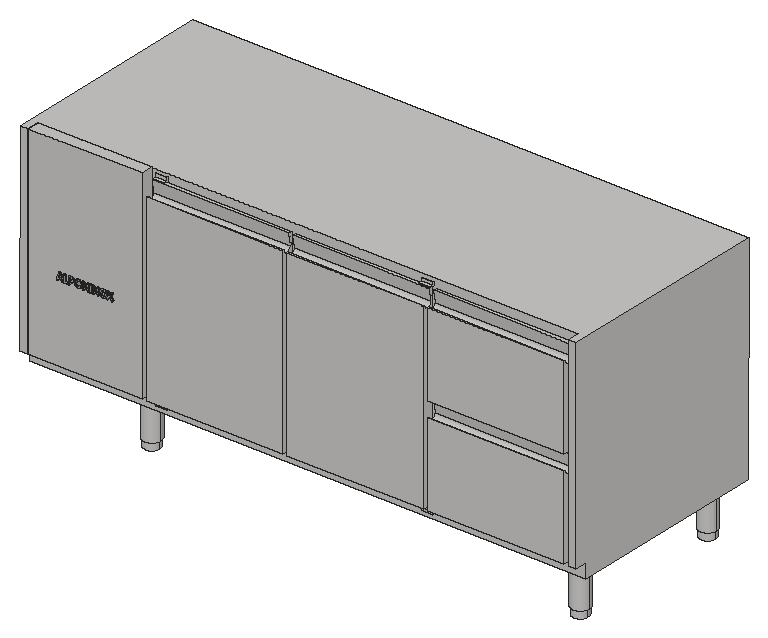
Revit family "QF_ALPENINOX_712031_AH3H7AAB", category Specialty Equipment, Revit 2018 (continued)
Definition of nested family "ALP_Cooling Unit"
  Lines and regions (mm)
    Split face 127
      outline origin (55.016, 2, -245.129) x (0, 0, 1) y (-1, 0, 0)
        loop
          arc (502.647, 116.535) -> (506.648, 112.533) -> (510.649, 116.535) r 4.001
          line (510.649, 116.535) -> (510.649, 158.547)
    Split face 128
      outline origin (55.016, 2, -257.133) x (0, 0, 1) y (-1, 0, 0)
        loop
          arc (510.649, 158.547) -> (506.648, 162.548) -> (502.647, 158.547) r 4.001
          line (502.647, 158.547) -> (502.647, 116.535)
          arc (502.647, 116.535) -> (506.648, 112.533) -> (510.649, 116.535) r 4.001
          line (510.649, 116.535) -> (510.649, 158.547)
    Split face 129
      outline origin (55.016, 2, -269.136) x (0, 0, 1) y (-1, 0, 0)
        loop
          arc (510.649, 158.547) -> (506.648, 162.548) -> (502.647, 158.547) r 4.001
          line (502.647, 158.547) -> (502.647, 116.535)
          arc (502.647, 116.535) -> (506.648, 112.533) -> (510.649, 116.535) r 4.001
          line (510.649, 116.535) -> (510.649, 158.547)
    Split face 130
      outline origin (55.016, 2, -281.14) x (0, 0, 1) y (-1, 0, 0)
        loop
          arc (510.649, 158.547) -> (506.648, 162.548) -> (502.647, 158.547) r 4.001
          line (502.647, 158.547) -> (502.647, 116.535)
          arc (502.647, 116.535) -> (506.648, 112.533) -> (510.649, 116.535) r 4.001
          line (510.649, 116.535) -> (510.649, 158.547)
    Split face 131
      outline origin (55.016, 2, -293.144) x (0, 0, 1) y (-1, 0, 0)
        loop
          arc (510.649, 158.547) -> (506.648, 162.548) -> (502.647, 158.547) r 4.001
          line (502.647, 158.547) -> (502.647, 116.535)
          arc (502.647, 116.535) -> (506.648, 112.533) -> (510.649, 116.535) r 4.001
          line (510.649, 116.535) -> (510.649, 158.547)
    Split face 132
      outline origin (110.032, 2, -113.091) x (0, 0, 1) y (-1, 0, 0)
        loop
          arc (510.649, 158.547) -> (506.648, 162.548) -> (502.647, 158.547) r 4.001
          line (502.647, 158.547) -> (502.647, 116.535)
          arc (502.647, 116.535) -> (506.648, 112.533) -> (510.649, 116.535) r 4.001
          line (510.649, 116.535) -> (510.649, 158.547)
    Split face 133
      outline origin (110.032, 2, -125.094) x (0, 0, 1) y (-1, 0, 0)
        loop
          arc (510.649, 158.547) -> (506.648, 162.548) -> (502.647, 158.547) r 4.001
          line (502.647, 158.547) -> (502.647, 116.535)
          arc (502.647, 116.535) -> (506.648, 112.533) -> (510.649, 116.535) r 4.001
          line (510.649, 116.535) -> (510.649, 158.547)
    Split face 134
      outline origin (110.032, 2, -137.098) x (0, 0, 1) y (-1, 0, 0)
        loop
          arc (510.649, 158.547) -> (506.648, 162.548) -> (502.647, 158.547) r 4.001
          line (502.647, 158.547) -> (502.647, 116.535)
          arc (502.647, 116.535) -> (506.648, 112.533) -> (510.649, 116.535) r 4.001
          line (510.649, 116.535) -> (510.649, 158.547)
    Split face 135
      outline origin (110.032, 2, -149.101) x (0, 0, 1) y (-1, 0, 0)
        loop
          arc (510.649, 158.547) -> (506.648, 162.548) -> (502.647, 158.547) r 4.001
          line (502.647, 158.547) -> (502.647, 116.535)
          arc (502.647, 116.535) -> (506.648, 112.533) -> (510.649, 116.535) r 4.001
          line (510.649, 116.535) -> (510.649, 158.547)
    Split face 136
      outline origin (110.032, 2, -161.105) x (0, 0, 1) y (-1, 0, 0)
        loop
          arc (510.649, 158.547) -> (506.648, 162.548) -> (502.647, 158.547) r 4.001
          line (502.647, 158.547) -> (502.647, 116.535)
          arc (502.647, 116.535) -> (506.648, 112.533) -> (510.649, 116.535) r 4.001
          line (510.649, 116.535) -> (510.649, 158.547)
    Split face 137
      outline origin (110.032, 2, -173.108) x (0, 0, 1) y (-1, 0, 0)
        loop
          arc (510.649, 158.547) -> (506.648, 162.548) -> (502.647, 158.547) r 4.001
          line (502.647, 158.547) -> (502.647, 116.535)
          arc (502.647, 116.535) -> (506.648, 112.533) -> (510.649, 116.535) r 4.001
          line (510.649, 116.535) -> (510.649, 158.547)
    Split face 138
      outline origin (110.032, 2, -185.112) x (0, 0, 1) y (-1, 0, 0)
        loop
          arc (510.649, 158.547) -> (506.648, 162.548) -> (502.647, 158.547) r 4.001
          line (502.647, 158.547) -> (502.647, 116.535)
          arc (502.647, 116.535) -> (506.648, 112.533) -> (510.649, 116.535) r 4.001
          line (510.649, 116.535) -> (510.649, 158.547)
    Split face 139
      outline origin (110.032, 2, -197.115) x (0, 0, 1) y (-1, 0, 0)
        loop
          arc (510.649, 158.547) -> (506.648, 162.548) -> (502.647, 158.547) r 4.001
          line (502.647, 158.547) -> (502.647, 116.535)
          arc (502.647, 116.535) -> (506.648, 112.533) -> (510.649, 116.535) r 4.001
          line (510.649, 116.535) -> (510.649, 158.547)
    Split face 140
      outline origin (110.032, 2, -209.119) x (0, 0, 1) y (-1, 0, 0)
        loop
          arc (510.649, 158.547) -> (506.648, 162.548) -> (502.647, 158.547) r 4.001
          line (502.647, 158.547) -> (502.647, 116.535)
          arc (502.647, 116.535) -> (506.648, 112.533) -> (510.649, 116.535) r 4.001
          line (510.649, 116.535) -> (510.649, 158.547)
    Split face 141
      outline origin (110.032, 2, -221.122) x (0, 0, 1) y (-1, 0, 0)
        loop
          arc (510.649, 158.547) -> (506.648, 162.548) -> (502.647, 158.547) r 4.001
          line (502.647, 158.547) -> (502.647, 116.535)
          arc (502.647, 116.535) -> (506.648, 112.533) -> (510.649, 116.535) r 4.001
          line (510.649, 116.535) -> (510.649, 158.547)
    Split face 142
      outline origin (110.032, 2, -233.126) x (0, 0, 1) y (-1, 0, 0)
        loop
          arc (510.649, 158.547) -> (506.648, 162.548) -> (502.647, 158.547) r 4.001
          line (502.647, 158.547) -> (502.647, 116.535)
          arc (502.647, 116.535) -> (506.648, 112.533) -> (510.649, 116.535) r 4.001
          line (510.649, 116.535) -> (510.649, 158.547)
    Split face 143
      outline origin (110.032, 2, -245.129) x (0, 0, 1) y (-1, 0, 0)
        loop
          arc (510.649, 158.547) -> (506.648, 162.548) -> (502.647, 158.547) r 4.001
          line (502.647, 158.547) -> (502.647, 116.535)
          arc (502.647, 116.535) -> (506.648, 112.533) -> (510.649, 116.535) r 4.001
          line (510.649, 116.535) -> (510.649, 158.547)
    Split face 144
      outline origin (110.032, 2, -257.133) x (0, 0, 1) y (-1, 0, 0)
        loop
          arc (510.649, 158.547) -> (506.648, 162.548) -> (502.647, 158.547) r 4.001
          line (502.647, 158.547) -> (502.647, 116.535)
          arc (502.647, 116.535) -> (506.648, 112.533) -> (510.649, 116.535) r 4.001
          line (510.649, 116.535) -> (510.649, 158.547)
    Split face 145
      outline origin (110.032, 2, -269.136) x (0, 0, 1) y (-1, 0, 0)
        loop
          arc (510.649, 158.547) -> (506.648, 162.548) -> (502.647, 158.547) r 4.001
          line (502.647, 158.547) -> (502.647, 116.535)
          arc (502.647, 116.535) -> (506.648, 112.533) -> (510.649, 116.535) r 4.001
          line (510.649, 116.535) -> (510.649, 158.547)
    Split face 146
      outline origin (110.032, 2, -281.14) x (0, 0, 1) y (-1, 0, 0)
        loop
          arc (510.649, 158.547) -> (506.648, 162.548) -> (502.647, 158.547) r 4.001
          line (502.647, 158.547) -> (502.647, 116.535)
          arc (502.647, 116.535) -> (506.648, 112.533) -> (510.649, 116.535) r 4.001
          line (510.649, 116.535) -> (510.649, 158.547)
    Split face 147
      outline origin (110.032, 2, -293.144) x (0, 0, 1) y (-1, 0, 0)
        loop
          arc (510.649, 158.547) -> (506.648, 162.548) -> (502.647, 158.547) r 4.001
          line (502.647, 158.547) -> (502.647, 116.535)
          arc (502.647, 116.535) -> (506.648, 112.533) -> (510.649, 116.535) r 4.001
          line (510.649, 116.535) -> (510.649, 158.547)
    Split face 148
      outline origin (165.048, 2, -113.091) x (0, 0, 1) y (-1, 0, 0)
        loop
          arc (510.649, 158.547) -> (506.648, 162.548) -> (502.647, 158.547) r 4.001
          line (502.647, 158.547) -> (502.647, 116.535)
          arc (502.647, 116.535) -> (506.648, 112.533) -> (510.649, 116.535) r 4.001
          line (510.649, 116.535) -> (510.649, 158.547)
    Split face 149
      outline origin (165.048, 2, -125.094) x (0, 0, 1) y (-1, 0, 0)
        loop
          arc (510.649, 158.547) -> (506.648, 162.548) -> (502.647, 158.547) r 4.001
          line (502.647, 158.547) -> (502.647, 116.535)
          arc (502.647, 116.535) -> (506.648, 112.533) -> (510.649, 116.535) r 4.001
          line (510.649, 116.535) -> (510.649, 158.547)
    Split face 150
      outline origin (165.048, 2, -137.098) x (0, 0, 1) y (-1, 0, 0)
        loop
          arc (510.649, 158.547) -> (506.648, 162.548) -> (502.647, 158.547) r 4.001
          line (502.647, 158.547) -> (502.647, 116.535)
          arc (502.647, 116.535) -> (506.648, 112.533) -> (510.649, 116.535) r 4.001
          line (510.649, 116.535) -> (510.649, 158.547)
    Split face 151
      outline origin (165.048, 2, -149.101) x (0, 0, 1) y (-1, 0, 0)
        loop
          arc (510.649, 158.547) -> (506.648, 162.548) -> (502.647, 158.547) r 4.001
          line (502.647, 158.547) -> (502.647, 116.535)
          arc (502.647, 116.535) -> (506.648, 112.533) -> (510.649, 116.535) r 4.001
          line (510.649, 116.535) -> (510.649, 158.547)
    Split face 152
      outline origin (165.048, 2, -161.105) x (0, 0, 1) y (-1, 0, 0)
        loop
          arc (510.649, 158.547) -> (506.648, 162.548) -> (502.647, 158.547) r 4.001
          line (502.647, 158.547) -> (502.647, 116.535)
          arc (502.647, 116.535) -> (506.648, 112.533) -> (510.649, 116.535) r 4.001
          line (510.649, 116.535) -> (510.649, 158.547)
    Split face 153
      outline origin (165.048, 2, -173.108) x (0, 0, 1) y (-1, 0, 0)
        loop
          arc (510.649, 158.547) -> (506.648, 162.548) -> (502.647, 158.547) r 4.001
          line (502.647, 158.547) -> (502.647, 116.535)
          arc (502.647, 116.535) -> (506.648, 112.533) -> (510.649, 116.535) r 4.001
          line (510.649, 116.535) -> (510.649, 158.547)
    Split face 154
      outline origin (165.048, 2, -185.112) x (0, 0, 1) y (-1, 0, 0)
        loop
          arc (510.649, 158.547) -> (506.648, 162.548) -> (502.647, 158.547) r 4.001
          line (502.647, 158.547) -> (502.647, 116.535)
          arc (502.647, 116.535) -> (506.648, 112.533) -> (510.649, 116.535) r 4.001
          line (510.649, 116.535) -> (510.649, 158.547)
    Split face 155
      outline origin (165.048, 2, -197.115) x (0, 0, 1) y (-1, 0, 0)
        loop
          arc (510.649, 158.547) -> (506.648, 162.548) -> (502.647, 158.547) r 4.001
          line (502.647, 158.547) -> (502.647, 116.535)
          arc (502.647, 116.535) -> (506.648, 112.533) -> (510.649, 116.535) r 4.001
          line (510.649, 116.535) -> (510.649, 158.547)
    Split face 156
      outline origin (165.048, 2, -209.119) x (0, 0, 1) y (-1, 0, 0)
        loop
          arc (510.649, 158.547) -> (506.648, 162.548) -> (502.647, 158.547) r 4.001
          line (502.647, 158.547) -> (502.647, 116.535)
          arc (502.647, 116.535) -> (506.648, 112.533) -> (510.649, 116.535) r 4.001
          line (510.649, 116.535) -> (510.649, 158.547)
    Split face 157
      outline origin (165.048, 2, -221.122) x (0, 0, 1) y (-1, 0, 0)
        loop
          arc (510.649, 158.547) -> (506.648, 162.548) -> (502.647, 158.547) r 4.001
          line (502.647, 158.547) -> (502.647, 116.535)
          arc (502.647, 116.535) -> (506.648, 112.533) -> (510.649, 116.535) r 4.001
          line (510.649, 116.535) -> (510.649, 158.547)
    Split face 158
      outline origin (165.048, 2, -233.126) x (0, 0, 1) y (-1, 0, 0)
        loop
          arc (510.649, 158.547) -> (506.648, 162.548) -> (502.647, 158.547) r 4.001
          line (502.647, 158.547) -> (502.647, 116.535)
          arc (502.647, 116.535) -> (506.648, 112.533) -> (510.649, 116.535) r 4.001
          line (510.649, 116.535) -> (510.649, 158.547)
    Split face 159
      outline origin (165.048, 2, -245.129) x (0, 0, 1) y (-1, 0, 0)
        loop
          arc (510.649, 158.547) -> (506.648, 162.548) -> (502.647, 158.547) r 4.001
          line (502.647, 158.547) -> (502.647, 116.535)
          arc (502.647, 116.535) -> (506.648, 112.533) -> (510.649, 116.535) r 4.001
          line (510.649, 116.535) -> (510.649, 158.547)
    Split face 160
      outline origin (165.048, 2, -257.133) x (0, 0, 1) y (-1, 0, 0)
        loop
          arc (510.649, 158.547) -> (506.648, 162.548) -> (502.647, 158.547) r 4.001
          line (502.647, 158.547) -> (502.647, 116.535)
          arc (502.647, 116.535) -> (506.648, 112.533) -> (510.649, 116.535) r 4.001
          line (510.649, 116.535) -> (510.649, 158.547)
    Split face 161
      outline origin (165.048, 2, -269.136) x (0, 0, 1) y (-1, 0, 0)
        loop
          arc (510.649, 158.547) -> (506.648, 162.548) -> (502.647, 158.547) r 4.001
          line (502.647, 158.547) -> (502.647, 116.535)
          arc (502.647, 116.535) -> (506.648, 112.533) -> (510.649, 116.535) r 4.001
          line (510.649, 116.535) -> (510.649, 158.547)
    Split face 162
      outline origin (165.048, 2, -281.14) x (0, 0, 1) y (-1, 0, 0)
        loop
          arc (510.649, 158.547) -> (506.648, 162.548) -> (502.647, 158.547) r 4.001
          line (502.647, 158.547) -> (502.647, 116.535)
          arc (502.647, 116.535) -> (506.648, 112.533) -> (510.649, 116.535) r 4.001
          line (510.649, 116.535) -> (510.649, 158.547)
    Split face 163
      outline origin (165.048, 2, -293.144) x (0, 0, 1) y (-1, 0, 0)
        loop
          arc (510.649, 158.547) -> (506.648, 162.548) -> (502.647, 158.547) r 4.001
          line (502.647, 158.547) -> (502.647, 116.535)
          arc (502.647, 116.535) -> (506.648, 112.533) -> (510.649, 116.535) r 4.001
          line (510.649, 116.535) -> (510.649, 158.547)
    Split face 164
      outline origin (220.064, 2, -113.091) x (0, 0, 1) y (-1, 0, 0)
        loop
          arc (510.649, 158.547) -> (506.648, 162.548) -> (502.647, 158.547) r 4.001
          line (502.647, 158.547) -> (502.647, 116.535)
          arc (502.647, 116.535) -> (506.648, 112.533) -> (510.649, 116.535) r 4.001
          line (510.649, 116.535) -> (510.649, 158.547)
    Split face 165
      outline origin (220.064, 2, -125.094) x (0, 0, 1) y (-1, 0, 0)
        loop
          arc (510.649, 158.547) -> (506.648, 162.548) -> (502.647, 158.547) r 4.001
          line (502.647, 158.547) -> (502.647, 116.535)
          arc (502.647, 116.535) -> (506.648, 112.533) -> (510.649, 116.535) r 4.001
          line (510.649, 116.535) -> (510.649, 158.547)
    Split face 166
      outline origin (220.064, 2, -137.098) x (0, 0, 1) y (-1, 0, 0)
        loop
          arc (510.649, 158.547) -> (506.648, 162.548) -> (502.647, 158.547) r 4.001
          line (502.647, 158.547) -> (502.647, 116.535)
          arc (502.647, 116.535) -> (506.648, 112.533) -> (510.649, 116.535) r 4.001
          line (510.649, 116.535) -> (510.649, 158.547)
    Split face 167
      outline origin (220.064, 2, -149.101) x (0, 0, 1) y (-1, 0, 0)
        loop
          arc (510.649, 158.547) -> (506.648, 162.548) -> (502.647, 158.547) r 4.001
          line (502.647, 158.547) -> (502.647, 116.535)
          arc (502.647, 116.535) -> (506.648, 112.533) -> (510.649, 116.535) r 4.001
          line (510.649, 116.535) -> (510.649, 158.547)
    Split face 168
      outline origin (220.064, 2, -161.105) x (0, 0, 1) y (-1, 0, 0)
        loop
          arc (510.649, 158.547) -> (506.648, 162.548) -> (502.647, 158.547) r 4.001
          line (502.647, 158.547) -> (502.647, 116.535)
          arc (502.647, 116.535) -> (506.648, 112.533) -> (510.649, 116.535) r 4.001
          line (510.649, 116.535) -> (510.649, 158.547)
    Split face 169
      outline origin (220.064, 2, -173.108) x (0, 0, 1) y (-1, 0, 0)
        loop
          arc (510.649, 158.547) -> (506.648, 162.548) -> (502.647, 158.547) r 4.001
          line (502.647, 158.547) -> (502.647, 116.535)
          arc (502.647, 116.535) -> (506.648, 112.533) -> (510.649, 116.535) r 4.001
          line (510.649, 116.535) -> (510.649, 158.547)
    Split face 170
      outline origin (220.064, 2, -185.112) x (0, 0, 1) y (-1, 0, 0)
        loop
          arc (510.649, 158.547) -> (506.648, 162.548) -> (502.647, 158.547) r 4.001
          line (502.647, 158.547) -> (502.647, 116.535)
          arc (502.647, 116.535) -> (506.648, 112.533) -> (510.649, 116.535) r 4.001
          line (510.649, 116.535) -> (510.649, 158.547)
    Split face 171
      outline origin (220.064, 2, -197.115) x (0, 0, 1) y (-1, 0, 0)
        loop
          arc (510.649, 158.547) -> (506.648, 162.548) -> (502.647, 158.547) r 4.001
          line (502.647, 158.547) -> (502.647, 116.535)
          arc (502.647, 116.535) -> (506.648, 112.533) -> (510.649, 116.535) r 4.001
          line (510.649, 116.535) -> (510.649, 158.547)
    Split face 172
      outline origin (220.064, 2, -209.119) x (0, 0, 1) y (-1, 0, 0)
        loop
          arc (510.649, 158.547) -> (506.648, 162.548) -> (502.647, 158.547) r 4.001
          line (502.647, 158.547) -> (502.647, 116.535)
          arc (502.647, 116.535) -> (506.648, 112.533) -> (510.649, 116.535) r 4.001
          line (510.649, 116.535) -> (510.649, 158.547)
    Split face 173
      outline origin (220.064, 2, -221.122) x (0, 0, 1) y (-1, 0, 0)
        loop
          arc (510.649, 158.547) -> (506.648, 162.548) -> (502.647, 158.547) r 4.001
          line (502.647, 158.547) -> (502.647, 116.535)
          arc (502.647, 116.535) -> (506.648, 112.533) -> (510.649, 116.535) r 4.001
          line (510.649, 116.535) -> (510.649, 158.547)
    Split face 174
      outline origin (220.064, 2, -233.126) x (0, 0, 1) y (-1, 0, 0)
        loop
          arc (510.649, 158.547) -> (506.648, 162.548) -> (502.647, 158.547) r 4.001
          line (502.647, 158.547) -> (502.647, 116.535)
          arc (502.647, 116.535) -> (506.648, 112.533) -> (510.649, 116.535) r 4.001
          line (510.649, 116.535) -> (510.649, 158.547)
    Split face 175
      outline origin (220.064, 2, -245.129) x (0, 0, 1) y (-1, 0, 0)
        loop
          arc (510.649, 158.547) -> (506.648, 162.548) -> (502.647, 158.547) r 4.001
          line (502.647, 158.547) -> (502.647, 116.535)
          arc (502.647, 116.535) -> (506.648, 112.533) -> (510.649, 116.535) r 4.001
          line (510.649, 116.535) -> (510.649, 158.547)
    Split face 176
      outline origin (220.064, 2, -257.133) x (0, 0, 1) y (-1, 0, 0)
        loop
          arc (510.649, 158.547) -> (506.648, 162.548) -> (502.647, 158.547) r 4.001
          line (502.647, 158.547) -> (502.647, 116.535)
          arc (502.647, 116.535) -> (506.648, 112.533) -> (510.649, 116.535) r 4.001
          line (510.649, 116.535) -> (510.649, 158.547)
    Split face 177
      outline origin (220.064, 2, -269.136) x (0, 0, 1) y (-1, 0, 0)
        loop
          arc (510.649, 158.547) -> (506.648, 162.548) -> (502.647, 158.547) r 4.001
          line (502.647, 158.547) -> (502.647, 116.535)
          arc (502.647, 116.535) -> (506.648, 112.533) -> (510.649, 116.535) r 4.001
          line (510.649, 116.535) -> (510.649, 158.547)
    Split face 178
      outline origin (220.064, 2, -281.14) x (0, 0, 1) y (-1, 0, 0)
        loop
          arc (510.649, 158.547) -> (506.648, 162.548) -> (502.647, 158.547) r 4.001
          line (502.647, 158.547) -> (502.647, 116.535)
          arc (502.647, 116.535) -> (506.648, 112.533) -> (510.649, 116.535) r 4.001
          line (510.649, 116.535) -> (510.649, 158.547)
    Split face 179
      outline origin (220.064, 2, -293.144) x (0, 0, 1) y (-1, 0, 0)
        loop
          arc (510.649, 158.547) -> (506.648, 162.548) -> (502.647, 158.547) r 4.001
          line (502.647, 158.547) -> (502.647, 116.535)
          arc (502.647, 116.535) -> (506.648, 112.533) -> (510.649, 116.535) r 4.001
          line (510.649, 116.535) -> (510.649, 158.547)
    Split face 180
      outline origin (275.081, 2, -113.091) x (0, 0, 1) y (-1, 0, 0)
        loop
          arc (510.649, 158.547) -> (506.648, 162.548) -> (502.647, 158.547) r 4.001
          line (502.647, 158.547) -> (502.647, 116.535)
          arc (502.647, 116.535) -> (506.648, 112.533) -> (510.649, 116.535) r 4.001
          line (510.649, 116.535) -> (510.649, 158.547)
    Split face 181
      outline origin (275.081, 2, -125.094) x (0, 0, 1) y (-1, 0, 0)
        loop
          arc (510.649, 158.547) -> (506.648, 162.548) -> (502.647, 158.547) r 4.001
          line (502.647, 158.547) -> (502.647, 116.535)
          arc (502.647, 116.535) -> (506.648, 112.533) -> (510.649, 116.535) r 4.001
          line (510.649, 116.535) -> (510.649, 158.547)
    Split face 182
      outline origin (275.081, 2, -137.098) x (0, 0, 1) y (-1, 0, 0)
        loop
          arc (510.649, 158.547) -> (506.648, 162.548) -> (502.647, 158.547) r 4.001
          line (502.647, 158.547) -> (502.647, 116.535)
          arc (502.647, 116.535) -> (506.648, 112.533) -> (510.649, 116.535) r 4.001
          line (510.649, 116.535) -> (510.649, 158.547)
    Split face 183
      outline origin (275.081, 2, -149.101) x (0, 0, 1) y (-1, 0, 0)
        loop
          arc (510.649, 158.547) -> (506.648, 162.548) -> (502.647, 158.547) r 4.001
          line (502.647, 158.547) -> (502.647, 116.535)
          arc (502.647, 116.535) -> (506.648, 112.533) -> (510.649, 116.535) r 4.001
          line (510.649, 116.535) -> (510.649, 158.547)
    Split face 184
      outline origin (275.081, 2, -161.105) x (0, 0, 1) y (-1, 0, 0)
        loop
          arc (510.649, 158.547) -> (506.648, 162.548) -> (502.647, 158.547) r 4.001
          line (502.647, 158.547) -> (502.647, 116.535)
          arc (502.647, 116.535) -> (506.648, 112.533) -> (510.649, 116.535) r 4.001
          line (510.649, 116.535) -> (510.649, 158.547)
    Split face 185
      outline origin (275.081, 2, -173.108) x (0, 0, 1) y (-1, 0, 0)
        loop
          arc (510.649, 158.547) -> (506.648, 162.548) -> (502.647, 158.547) r 4.001
          line (502.647, 158.547) -> (502.647, 116.535)
          arc (502.647, 116.535) -> (506.648, 112.533) -> (510.649, 116.535) r 4.001
          line (510.649, 116.535) -> (510.649, 158.547)
    Split face 186
      outline origin (275.081, 2, -185.112) x (0, 0, 1) y (-1, 0, 0)
        loop
          arc (510.649, 158.547) -> (506.648, 162.548) -> (502.647, 158.547) r 4.001
          line (502.647, 158.547) -> (502.647, 116.535)
          arc (502.647, 116.535) -> (506.648, 112.533) -> (510.649, 116.535) r 4.001
          line (510.649, 116.535) -> (510.649, 158.547)
    Split face 187
      outline origin (275.081, 2, -197.115) x (0, 0, 1) y (-1, 0, 0)
        loop
          arc (510.649, 158.547) -> (506.648, 162.548) -> (502.647, 158.547) r 4.001
          line (502.647, 158.547) -> (502.647, 116.535)
          arc (502.647, 116.535) -> (506.648, 112.533) -> (510.649, 116.535) r 4.001
          line (510.649, 116.535) -> (510.649, 158.547)
    Split face 188
      outline origin (275.081, 2, -209.119) x (0, 0, 1) y (-1, 0, 0)
        loop
          arc (510.649, 158.547) -> (506.648, 162.548) -> (502.647, 158.547) r 4.001
          line (502.647, 158.547) -> (502.647, 116.535)
          arc (502.647, 116.535) -> (506.648, 112.533) -> (510.649, 116.535) r 4.001
          line (510.649, 116.535) -> (510.649, 158.547)
    Split face 189
      outline origin (275.081, 2, -221.122) x (0, 0, 1) y (-1, 0, 0)
        loop
          arc (510.649, 158.547) -> (506.648, 162.548) -> (502.647, 158.547) r 4.001
          line (502.647, 158.547) -> (502.647, 116.535)
          arc (502.647, 116.535) -> (506.648, 112.533) -> (510.649, 116.535) r 4.001
          line (510.649, 116.535) -> (510.649, 158.547)
    Split face 190
      outline origin (275.081, 2, -233.126) x (0, 0, 1) y (-1, 0, 0)
        loop
          arc (510.649, 158.547) -> (506.648, 162.548) -> (502.647, 158.547) r 4.001
          line (502.647, 158.547) -> (502.647, 116.535)
          arc (502.647, 116.535) -> (506.648, 112.533) -> (510.649, 116.535) r 4.001
          line (510.649, 116.535) -> (510.649, 158.547)
    Split face 191
      outline origin (275.081, 2, -245.129) x (0, 0, 1) y (-1, 0, 0)
        loop
          arc (510.649, 158.547) -> (506.648, 162.548) -> (502.647, 158.547) r 4.001
          line (502.647, 158.547) -> (502.647, 116.535)
          arc (502.647, 116.535) -> (506.648, 112.533) -> (510.649, 116.535) r 4.001
          line (510.649, 116.535) -> (510.649, 158.547)
    Split face 192
      outline origin (275.081, 2, -257.133) x (0, 0, 1) y (-1, 0, 0)
        loop
          arc (510.649, 158.547) -> (506.648, 162.548) -> (502.647, 158.547) r 4.001
          line (502.647, 158.547) -> (502.647, 116.535)
          arc (502.647, 116.535) -> (506.648, 112.533) -> (510.649, 116.535) r 4.001
          line (510.649, 116.535) -> (510.649, 158.547)
    Split face 193
      outline origin (275.081, 2, -269.136) x (0, 0, 1) y (-1, 0, 0)
        loop
          arc (510.649, 158.547) -> (506.648, 162.548) -> (502.647, 158.547) r 4.001
          line (502.647, 158.547) -> (502.647, 116.535)
          arc (502.647, 116.535) -> (506.648, 112.533) -> (510.649, 116.535) r 4.001
          line (510.649, 116.535) -> (510.649, 158.547)
    Split face 194
      outline origin (275.081, 2, -281.14) x (0, 0, 1) y (-1, 0, 0)
        loop
          arc (510.649, 158.547) -> (506.648, 162.548) -> (502.647, 158.547) r 4.001
          line (502.647, 158.547) -> (502.647, 116.535)
          arc (502.647, 116.535) -> (506.648, 112.533) -> (510.649, 116.535) r 4.001
          line (510.649, 116.535) -> (510.649, 158.547)
    Split face 195
      outline origin (275.081, 2, -293.144) x (0, 0, 1) y (-1, 0, 0)
        loop
          arc (510.649, 158.547) -> (506.648, 162.548) -> (502.647, 158.547) r 4.001
          line (502.647, 158.547) -> (502.647, 116.535)
          arc (502.647, 116.535) -> (506.648, 112.533) -> (510.649, 116.535) r 4.001
          line (510.649, 116.535) -> (510.649, 158.547)
  Dimensions and locks
    aligned and locked: level to plane 2
  Nested families
    nested 1: "ALP_Logo_S" at (0, 2, 458.586) x (1, 0, 0) z (0, -1, 0), visible <- "Show Logo", type "ALP_Logo_S"
  Definition of nested family "ALP_Logo_S"
    Parameters
      Default Elevation = 0 mm
    Reference planes
      plane 1 "Centro (Fronte/Retro)": y = 0
      plane 2: z = 0
      plane 3 "Centro (Sinistra/Destra)": x = 0
    Forms (mm)
      Extrusion 1, solid
        sketch origin (0, 0, 0) x (1, 0, 0) y (0, 1, 0)
          loop
            line (-1219.2, 1219.2) -> (-1219.2, -1219.2) -> (1219.2, -1219.2) -> (1219.2, 1219.2) -> (-1219.2, 1219.2)
        from 0 to -304.8
      Extrusion 2, solid
        sketch origin (17.793, -46.218, 0) x (-1, 0, 0) y (0, -1, 0)
          loop
            line (109.007, -37.469) -> (109.244, -36.361)
            spline (109.244, -36.361) -> (109.221, -36.03) -> (109.153, -35.716) -> (109.043, -35.42) -> (108.895, -35.146) -> (108.713, -34.896) -> (108.498, -34.671) -> (108.255, -34.475) -> (107.987, -34.309) -> (107.697, -34.176) -> (107.388, -34.078) -> (107.064, -34.017) -> (106.728, -33.997)
            spline (106.728, -33.997) -> (106.393, -34.012) -> (106.085, -34.057) -> (105.803, -34.129) -> (105.547, -34.228) -> (105.315, -34.352) -> (105.105, -34.499) -> (104.918, -34.668) -> (104.752, -34.858) -> (104.605, -35.066) -> (104.478, -35.291) -> (104.368, -35.532) -> (104.275, -35.787)
            line (104.275, -35.787) -> (103.256, -38.92) -> (93.799, -38.92) -> (92.773, -35.75)
            spline (92.773, -35.75) -> (92.68, -35.504) -> (92.57, -35.27) -> (92.443, -35.05) -> (92.296, -34.847) -> (92.129, -34.661) -> (91.941, -34.495) -> (91.729, -34.35) -> (91.494, -34.227) -> (91.234, -34.129) -> (90.948, -34.056) -> (90.634, -34.012) -> (90.292, -33.997)
            spline (90.292, -33.997) -> (89.98, -34.015) -> (89.679, -34.07) -> (89.392, -34.16) -> (89.122, -34.282) -> (88.871, -34.436) -> (88.644, -34.618) -> (88.442, -34.828) -> (88.271, -35.063) -> (88.132, -35.322) -> (88.028, -35.604) -> (87.964, -35.905) -> (87.942, -36.225)
            line (87.942, -36.225) -> (88.215, -37.469) -> (94.885, -55.826)
            spline (94.885, -55.826) -> (95.044, -56.22) -> (95.23, -56.593) -> (95.444, -56.943) -> (95.685, -57.268) -> (95.953, -57.564) -> (96.246, -57.829) -> (96.565, -58.06) -> (96.909, -58.255) -> (97.278, -58.412) -> (97.672, -58.527) -> (98.088, -58.597) -> (98.529, -58.622)
            spline (98.529, -58.622) -> (98.953, -58.596) -> (99.359, -58.522) -> (99.746, -58.402) -> (100.112, -58.241) -> (100.457, -58.04) -> (100.78, -57.804) -> (101.078, -57.536) -> (101.351, -57.238) -> (101.599, -56.916) -> (101.818, -56.57) -> (102.009, -56.206) -> (102.171, -55.826)
            line (102.171, -55.826) -> (109.007, -37.469)
          loop
            line (101.794, -43.576) -> (95.326, -43.576) -> (98.522, -53.458) -> (101.794, -43.576)
          loop
            spline (85.755, -36.964) -> (85.735, -36.556) -> (85.675, -36.175) -> (85.576, -35.822) -> (85.439, -35.499) -> (85.266, -35.208) -> (85.056, -34.95) -> (84.812, -34.727) -> (84.534, -34.541) -> (84.223, -34.394) -> (83.881, -34.286) -> (83.507, -34.22) -> (83.104, -34.198)
            line (83.104, -34.198) -> (74.598, -34.198)
            spline (74.598, -34.198) -> (74.236, -34.221) -> (73.9, -34.286) -> (73.592, -34.39) -> (73.311, -34.528) -> (73.058, -34.698) -> (72.835, -34.895) -> (72.641, -35.114) -> (72.478, -35.354) -> (72.347, -35.608) -> (72.247, -35.874) -> (72.181, -36.148) -> (72.148, -36.426)
            spline (72.148, -36.426) -> (72.156, -36.715) -> (72.197, -37.004) -> (72.272, -37.289) -> (72.382, -37.565) -> (72.528, -37.827) -> (72.709, -38.07) -> (72.927, -38.288) -> (73.183, -38.478) -> (73.478, -38.635) -> (73.811, -38.752) -> (74.184, -38.827) -> (74.598, -38.852)
            line (74.598, -38.852) -> (80.653, -38.852) -> (80.653, -55.789)
            spline (80.653, -55.789) -> (80.675, -56.195) -> (80.741, -56.569) -> (80.846, -56.912) -> (80.99, -57.221) -> (81.169, -57.497) -> (81.381, -57.738) -> (81.624, -57.944) -> (81.894, -58.114) -> (82.191, -58.247) -> (82.51, -58.343) -> (82.85, -58.402) -> (83.208, -58.421)
            spline (83.208, -58.421) -> (83.565, -58.402) -> (83.904, -58.343) -> (84.222, -58.247) -> (84.517, -58.114) -> (84.787, -57.944) -> (85.029, -57.738) -> (85.241, -57.497) -> (85.419, -57.221) -> (85.563, -56.912) -> (85.668, -56.569) -> (85.733, -56.195) -> (85.755, -55.789)
            line (85.755, -55.789) -> (85.755, -36.964)
          loop
            spline (69.963, -36.629) -> (69.941, -36.222) -> (69.876, -35.847) -> (69.77, -35.505) -> (69.627, -35.196) -> (69.448, -34.921) -> (69.236, -34.68) -> (68.993, -34.474) -> (68.723, -34.305) -> (68.427, -34.171) -> (68.108, -34.075) -> (67.769, -34.017) -> (67.412, -33.998)
            spline (67.412, -33.998) -> (67.055, -34.017) -> (66.716, -34.075) -> (66.397, -34.171) -> (66.101, -34.305) -> (65.832, -34.474) -> (65.59, -34.68) -> (65.378, -34.921) -> (65.2, -35.196) -> (65.057, -35.505) -> (64.951, -35.847) -> (64.886, -36.222) -> (64.864, -36.629)
            line (64.864, -36.629) -> (64.864, -42.161) -> (61.085, -42.161)
            spline (61.085, -42.161) -> (59.938, -42.224) -> (58.836, -42.411) -> (57.789, -42.717) -> (56.807, -43.139) -> (55.902, -43.671) -> (55.083, -44.311) -> (54.361, -45.053) -> (53.747, -45.894) -> (53.251, -46.829) -> (52.884, -47.854) -> (52.656, -48.965) -> (52.577, -50.158)
            spline (52.577, -50.158) -> (52.653, -51.33) -> (52.875, -52.429) -> (53.235, -53.452) -> (53.724, -54.391) -> (54.334, -55.241) -> (55.057, -55.997) -> (55.884, -56.652) -> (56.807, -57.201) -> (57.817, -57.638) -> (58.906, -57.957) -> (60.067, -58.153) -> (61.289, -58.22)
            line (61.289, -58.22) -> (67.306, -58.22)
            spline (67.306, -58.22) -> (67.716, -58.198) -> (68.095, -58.135) -> (68.44, -58.031) -> (68.752, -57.889) -> (69.031, -57.711) -> (69.274, -57.498) -> (69.482, -57.251) -> (69.653, -56.974) -> (69.788, -56.667) -> (69.885, -56.332) -> (69.944, -55.972) -> (69.963, -55.587)
            line (69.963, -55.587) -> (69.963, -36.629)
          loop
            line (64.864, -53.764) -> (64.864, -46.61) -> (61.384, -46.61)
            spline (61.384, -46.61) -> (60.866, -46.642) -> (60.382, -46.735) -> (59.935, -46.885) -> (59.526, -47.089) -> (59.158, -47.342) -> (58.832, -47.641) -> (58.551, -47.983) -> (58.317, -48.362) -> (58.131, -48.777) -> (57.995, -49.222) -> (57.913, -49.694) -> (57.885, -50.189)
            spline (57.885, -50.189) -> (57.913, -50.684) -> (57.995, -51.156) -> (58.131, -51.601) -> (58.317, -52.015) -> (58.551, -52.394) -> (58.832, -52.735) -> (59.158, -53.034) -> (59.526, -53.287) -> (59.935, -53.49) -> (60.382, -53.64) -> (60.866, -53.733) -> (61.384, -53.764)
            line (61.384, -53.764) -> (64.864, -53.764)
          loop
            spline (32.388, -43.737) -> (31.645, -43.763) -> (30.977, -43.84) -> (30.381, -43.966) -> (29.857, -44.139) -> (29.401, -44.355) -> (29.012, -44.613) -> (28.688, -44.91) -> (28.428, -45.245) -> (28.228, -45.614) -> (28.088, -46.015) -> (28.006, -46.447) -> (27.979, -46.906)
            spline (27.979, -46.906) -> (28.073, -48.241) -> (28.349, -49.591) -> (28.801, -50.931) -> (29.42, -52.236) -> (30.198, -53.481) -> (31.128, -54.642) -> (32.202, -55.693) -> (33.412, -56.608) -> (34.751, -57.364) -> (36.211, -57.935) -> (37.784, -58.296) -> (39.462, -58.422)
            spline (39.462, -58.422) -> (41.103, -58.303) -> (42.649, -57.959) -> (44.091, -57.408) -> (45.422, -56.668) -> (46.63, -55.759) -> (47.707, -54.697) -> (48.644, -53.501) -> (49.431, -52.19) -> (50.059, -50.782) -> (50.52, -49.295) -> (50.803, -47.748) -> (50.899, -46.159)
            spline (50.899, -46.159) -> (50.801, -44.451) -> (50.511, -42.83) -> (50.039, -41.308) -> (49.392, -39.896) -> (48.579, -38.607) -> (47.608, -37.451) -> (46.488, -36.441) -> (45.226, -35.588) -> (43.831, -34.905) -> (42.311, -34.402) -> (40.675, -34.091) -> (38.93, -33.985)
            spline (38.93, -33.985) -> (37.728, -34.039) -> (36.511, -34.193) -> (35.301, -34.44) -> (34.12, -34.77) -> (32.993, -35.175) -> (31.942, -35.645) -> (30.99, -36.172) -> (30.16, -36.746) -> (29.474, -37.36) -> (28.956, -38.004) -> (28.628, -38.669) -> (28.514, -39.347)
            spline (28.514, -39.347) -> (28.53, -39.685) -> (28.577, -40.017) -> (28.656, -40.338) -> (28.765, -40.643) -> (28.905, -40.928) -> (29.073, -41.19) -> (29.27, -41.423) -> (29.495, -41.623) -> (29.748, -41.787) -> (30.028, -41.91) -> (30.333, -41.987) -> (30.665, -42.014)
            spline (30.665, -42.014) -> (31.199, -41.95) -> (31.712, -41.768) -> (32.22, -41.491) -> (32.738, -41.145) -> (33.281, -40.752) -> (33.868, -40.337) -> (34.512, -39.924) -> (35.23, -39.537) -> (36.038, -39.199) -> (36.952, -38.934) -> (37.987, -38.768) -> (39.161, -38.722)
            spline (39.161, -38.722) -> (39.894, -38.774) -> (40.606, -38.897) -> (41.291, -39.091) -> (41.943, -39.354) -> (42.554, -39.684) -> (43.119, -40.08) -> (43.632, -40.54) -> (44.086, -41.061) -> (44.475, -41.643) -> (44.792, -42.285) -> (45.032, -42.983) -> (45.188, -43.737)
            line (45.188, -43.737) -> (32.388, -43.737)
          loop
            line (45.321, -48.475) -> (33.559, -48.475)
            spline (33.559, -48.475) -> (33.693, -49.163) -> (33.914, -49.841) -> (34.214, -50.497) -> (34.588, -51.123) -> (35.029, -51.71) -> (35.531, -52.248) -> (36.087, -52.729) -> (36.691, -53.143) -> (37.337, -53.481) -> (38.018, -53.734) -> (38.729, -53.893) -> (39.462, -53.948)
            spline (39.462, -53.948) -> (40.168, -53.891) -> (40.86, -53.728) -> (41.531, -53.468) -> (42.173, -53.123) -> (42.779, -52.701) -> (43.339, -52.214) -> (43.847, -51.671) -> (44.295, -51.082) -> (44.674, -50.458) -> (44.976, -49.809) -> (45.195, -49.144) -> (45.321, -48.475)
          loop
            spline (25.297, -36.629) -> (25.275, -36.222) -> (25.209, -35.847) -> (25.103, -35.505) -> (24.958, -35.196) -> (24.779, -34.92) -> (24.566, -34.679) -> (24.323, -34.474) -> (24.052, -34.304) -> (23.755, -34.17) -> (23.436, -34.074) -> (23.096, -34.016) -> (22.739, -33.997)
            spline (22.739, -33.997) -> (22.382, -34.016) -> (22.043, -34.074) -> (21.724, -34.17) -> (21.429, -34.304) -> (21.158, -34.474) -> (20.916, -34.679) -> (20.704, -34.92) -> (20.525, -35.196) -> (20.382, -35.505) -> (20.276, -35.847) -> (20.211, -36.222) -> (20.189, -36.629)
            line (20.189, -36.629) -> (20.189, -49.304) -> (9.333, -35.11) -> (7.187, -33.997)
            spline (7.187, -33.997) -> (6.83, -34.016) -> (6.49, -34.074) -> (6.172, -34.17) -> (5.876, -34.304) -> (5.606, -34.474) -> (5.363, -34.679) -> (5.151, -34.92) -> (4.972, -35.196) -> (4.829, -35.505) -> (4.723, -35.847) -> (4.658, -36.222) -> (4.636, -36.629)
            line (4.636, -36.629) -> (4.636, -55.789)
            spline (4.636, -55.789) -> (4.658, -56.195) -> (4.723, -56.569) -> (4.829, -56.912) -> (4.972, -57.221) -> (5.151, -57.497) -> (5.363, -57.738) -> (5.606, -57.944) -> (5.876, -58.114) -> (6.172, -58.247) -> (6.49, -58.343) -> (6.83, -58.402) -> (7.187, -58.421)
            spline (7.187, -58.421) -> (7.545, -58.402) -> (7.885, -58.343) -> (8.204, -58.247) -> (8.5, -58.114) -> (8.771, -57.944) -> (9.014, -57.738) -> (9.226, -57.497) -> (9.405, -57.221) -> (9.549, -56.912) -> (9.654, -56.569) -> (9.719, -56.195) -> (9.742, -55.789)
            line (9.742, -55.789) -> (9.742, -42.947) -> (20.597, -57.305) -> (22.739, -58.421)
            spline (22.739, -58.421) -> (23.096, -58.402) -> (23.436, -58.343) -> (23.755, -58.247) -> (24.052, -58.114) -> (24.323, -57.944) -> (24.566, -57.738) -> (24.779, -57.497) -> (24.958, -57.221) -> (25.103, -56.912) -> (25.209, -56.569) -> (25.275, -56.195) -> (25.297, -55.789)
            line (25.297, -55.789) -> (25.297, -36.629)
          loop
            spline (1.445, -36.629) -> (1.422, -36.222) -> (1.357, -35.847) -> (1.252, -35.505) -> (1.108, -35.196) -> (0.929, -34.92) -> (0.717, -34.679) -> (0.475, -34.474) -> (0.204, -34.304) -> (-0.092, -34.17) -> (-0.411, -34.074) -> (-0.751, -34.016) -> (-1.109, -33.997)
            spline (-1.109, -33.997) -> (-1.467, -34.016) -> (-1.807, -34.074) -> (-2.125, -34.17) -> (-2.421, -34.304) -> (-2.691, -34.474) -> (-2.933, -34.679) -> (-3.145, -34.92) -> (-3.324, -35.196) -> (-3.467, -35.505) -> (-3.572, -35.847) -> (-3.637, -36.222) -> (-3.659, -36.629)
            line (-3.659, -36.629) -> (-3.659, -55.789)
            spline (-3.659, -55.789) -> (-3.637, -56.195) -> (-3.572, -56.569) -> (-3.467, -56.912) -> (-3.324, -57.221) -> (-3.145, -57.497) -> (-2.933, -57.738) -> (-2.691, -57.944) -> (-2.421, -58.114) -> (-2.125, -58.247) -> (-1.807, -58.343) -> (-1.467, -58.402) -> (-1.109, -58.421)
            spline (-1.109, -58.421) -> (-0.751, -58.402) -> (-0.411, -58.343) -> (-0.092, -58.247) -> (0.204, -58.114) -> (0.475, -57.944) -> (0.717, -57.738) -> (0.929, -57.497) -> (1.108, -57.221) -> (1.252, -56.912) -> (1.357, -56.569) -> (1.422, -56.195) -> (1.445, -55.789)
            line (1.445, -55.789) -> (1.445, -36.629)
          loop
            spline (-6.852, -36.629) -> (-6.875, -36.222) -> (-6.94, -35.847) -> (-7.045, -35.505) -> (-7.189, -35.196) -> (-7.368, -34.92) -> (-7.58, -34.679) -> (-7.822, -34.474) -> (-8.092, -34.304) -> (-8.388, -34.17) -> (-8.706, -34.074) -> (-9.046, -34.016) -> (-9.403, -33.997)
            spline (-9.403, -33.997) -> (-9.76, -34.016) -> (-10.1, -34.074) -> (-10.42, -34.17) -> (-10.716, -34.304) -> (-10.987, -34.474) -> (-11.23, -34.679) -> (-11.442, -34.92) -> (-11.621, -35.196) -> (-11.765, -35.505) -> (-11.871, -35.847) -> (-11.936, -36.222) -> (-11.958, -36.629)
            line (-11.958, -36.629) -> (-11.958, -49.304) -> (-22.814, -35.11) -> (-24.958, -33.997)
            spline (-24.958, -33.997) -> (-25.315, -34.016) -> (-25.655, -34.074) -> (-25.974, -34.17) -> (-26.27, -34.304) -> (-26.541, -34.474) -> (-26.784, -34.679) -> (-26.996, -34.92) -> (-27.175, -35.196) -> (-27.319, -35.505) -> (-27.424, -35.847) -> (-27.49, -36.222) -> (-27.512, -36.629)
            line (-27.512, -36.629) -> (-27.512, -55.789)
            spline (-27.512, -55.789) -> (-27.49, -56.195) -> (-27.424, -56.569) -> (-27.319, -56.912) -> (-27.175, -57.221) -> (-26.996, -57.497) -> (-26.784, -57.738) -> (-26.541, -57.944) -> (-26.27, -58.114) -> (-25.974, -58.247) -> (-25.655, -58.343) -> (-25.315, -58.402) -> (-24.958, -58.421)
            spline (-24.958, -58.421) -> (-24.6, -58.402) -> (-24.26, -58.343) -> (-23.941, -58.247) -> (-23.646, -58.114) -> (-23.375, -57.944) -> (-23.133, -57.738) -> (-22.921, -57.497) -> (-22.743, -57.221) -> (-22.599, -56.912) -> (-22.494, -56.569) -> (-22.429, -56.195) -> (-22.407, -55.789)
            line (-22.407, -55.789) -> (-22.407, -42.949) -> (-11.549, -57.305) -> (-9.403, -58.421)
            spline (-9.403, -58.421) -> (-9.046, -58.402) -> (-8.706, -58.343) -> (-8.388, -58.247) -> (-8.092, -58.114) -> (-7.822, -57.944) -> (-7.58, -57.738) -> (-7.368, -57.497) -> (-7.189, -57.221) -> (-7.045, -56.912) -> (-6.94, -56.569) -> (-6.875, -56.195) -> (-6.852, -55.789)
            line (-6.852, -55.789) -> (-6.852, -36.629)
          loop
            spline (-41.905, -33.794) -> (-43.601, -33.905) -> (-45.194, -34.229) -> (-46.677, -34.752) -> (-48.04, -35.461) -> (-49.275, -36.342) -> (-50.373, -37.383) -> (-51.326, -38.569) -> (-52.125, -39.887) -> (-52.761, -41.323) -> (-53.226, -42.864) -> (-53.512, -44.497) -> (-53.609, -46.208)
            spline (-53.609, -46.208) -> (-53.509, -47.892) -> (-53.217, -49.507) -> (-52.742, -51.038) -> (-52.094, -52.472) -> (-51.284, -53.792) -> (-50.321, -54.984) -> (-49.216, -56.034) -> (-47.978, -56.926) -> (-46.618, -57.646) -> (-45.146, -58.178) -> (-43.572, -58.509) -> (-41.905, -58.622)
            spline (-41.905, -58.622) -> (-40.216, -58.512) -> (-38.628, -58.19) -> (-37.148, -57.669) -> (-35.785, -56.962) -> (-34.549, -56.084) -> (-33.449, -55.046) -> (-32.493, -53.861) -> (-31.691, -52.544) -> (-31.051, -51.107) -> (-30.583, -49.563) -> (-30.296, -47.926) -> (-30.198, -46.208)
            spline (-30.198, -46.208) -> (-30.296, -44.497) -> (-30.585, -42.864) -> (-31.055, -41.323) -> (-31.697, -39.887) -> (-32.502, -38.569) -> (-33.46, -37.383) -> (-34.562, -36.342) -> (-35.798, -35.461) -> (-37.16, -34.752) -> (-38.638, -34.229) -> (-40.223, -33.905) -> (-41.905, -33.794)
          loop
            spline (-41.905, -38.45) -> (-42.938, -38.524) -> (-43.878, -38.739) -> (-44.726, -39.084) -> (-45.482, -39.548) -> (-46.147, -40.119) -> (-46.722, -40.787) -> (-47.206, -41.541) -> (-47.601, -42.37) -> (-47.907, -43.262) -> (-48.125, -44.206) -> (-48.256, -45.192) -> (-48.299, -46.208)
            spline (-48.299, -46.208) -> (-48.255, -47.219) -> (-48.121, -48.201) -> (-47.898, -49.143) -> (-47.586, -50.035) -> (-47.186, -50.863) -> (-46.697, -51.619) -> (-46.119, -52.289) -> (-45.453, -52.862) -> (-44.698, -53.328) -> (-43.855, -53.675) -> (-42.924, -53.891) -> (-41.905, -53.966)
            spline (-41.905, -53.966) -> (-40.885, -53.891) -> (-39.953, -53.675) -> (-39.109, -53.328) -> (-38.354, -52.862) -> (-37.688, -52.289) -> (-37.11, -51.619) -> (-36.62, -50.863) -> (-36.22, -50.035) -> (-35.908, -49.143) -> (-35.685, -48.201) -> (-35.551, -47.219) -> (-35.507, -46.208)
            spline (-35.507, -46.208) -> (-35.55, -45.192) -> (-35.68, -44.206) -> (-35.898, -43.262) -> (-36.204, -42.37) -> (-36.599, -41.541) -> (-37.084, -40.787) -> (-37.659, -40.119) -> (-38.324, -39.548) -> (-39.081, -39.084) -> (-39.929, -38.739) -> (-40.87, -38.524) -> (-41.905, -38.45)
          loop
            line (-53.681, -38.08) -> (-53.106, -36.361)
            spline (-53.106, -36.361) -> (-53.128, -36.016) -> (-53.193, -35.692) -> (-53.299, -35.392) -> (-53.443, -35.116) -> (-53.623, -34.867) -> (-53.837, -34.646) -> (-54.082, -34.454) -> (-54.355, -34.294) -> (-54.656, -34.166) -> (-54.98, -34.073) -> (-55.327, -34.016) -> (-55.693, -33.997)
            spline (-55.693, -33.997) -> (-55.917, -34.005) -> (-56.131, -34.03) -> (-56.336, -34.071) -> (-56.532, -34.129) -> (-56.72, -34.201) -> (-56.899, -34.289) -> (-57.069, -34.391) -> (-57.231, -34.508) -> (-57.386, -34.639) -> (-57.532, -34.783) -> (-57.67, -34.94) -> (-57.8, -35.11)
            line (-57.8, -35.11) -> (-63.381, -42.802) -> (-68.963, -35.11)
            spline (-68.963, -35.11) -> (-69.095, -34.94) -> (-69.233, -34.783) -> (-69.379, -34.639) -> (-69.533, -34.508) -> (-69.695, -34.391) -> (-69.866, -34.289) -> (-70.044, -34.201) -> (-70.232, -34.129) -> (-70.429, -34.071) -> (-70.634, -34.03) -> (-70.85, -34.005) -> (-71.075, -33.997)
            spline (-71.075, -33.997) -> (-71.44, -34.016) -> (-71.785, -34.073) -> (-72.109, -34.166) -> (-72.409, -34.294) -> (-72.682, -34.454) -> (-72.927, -34.646) -> (-73.141, -34.867) -> (-73.321, -35.116) -> (-73.466, -35.392) -> (-73.572, -35.692) -> (-73.637, -36.016) -> (-73.659, -36.361)
            line (-73.659, -36.361) -> (-73.081, -38.08) -> (-66.345, -47.048) -> (-71.856, -54.473) -> (-72.401, -55.959)
            spline (-72.401, -55.959) -> (-72.378, -56.319) -> (-72.311, -56.656) -> (-72.203, -56.969) -> (-72.055, -57.256) -> (-71.872, -57.516) -> (-71.656, -57.746) -> (-71.409, -57.945) -> (-71.134, -58.112) -> (-70.834, -58.245) -> (-70.512, -58.342) -> (-70.171, -58.402) -> (-69.812, -58.422)
            spline (-69.812, -58.422) -> (-69.6, -58.41) -> (-69.387, -58.376) -> (-69.176, -58.322) -> (-68.968, -58.248) -> (-68.765, -58.157) -> (-68.568, -58.05) -> (-68.379, -57.93) -> (-68.199, -57.796) -> (-68.03, -57.652) -> (-67.873, -57.499) -> (-67.731, -57.339) -> (-67.603, -57.172)
            line (-67.603, -57.172) -> (-63.381, -51.236) -> (-59.162, -57.172)
            spline (-59.162, -57.172) -> (-59.034, -57.339) -> (-58.892, -57.499) -> (-58.735, -57.652) -> (-58.566, -57.796) -> (-58.386, -57.93) -> (-58.197, -58.05) -> (-58, -58.157) -> (-57.796, -58.248) -> (-57.588, -58.322) -> (-57.377, -58.376) -> (-57.165, -58.41) -> (-56.952, -58.422)
            spline (-56.952, -58.422) -> (-56.594, -58.402) -> (-56.253, -58.342) -> (-55.931, -58.245) -> (-55.632, -58.112) -> (-55.358, -57.945) -> (-55.111, -57.746) -> (-54.895, -57.516) -> (-54.712, -57.256) -> (-54.564, -56.969) -> (-54.456, -56.656) -> (-54.389, -56.319) -> (-54.366, -55.959)
            line (-54.366, -55.959) -> (-54.909, -54.473) -> (-60.423, -47.048) -> (-53.681, -38.08)
        from 0 to 1.644
    Dimensions and locks
      aligned and locked: plane 2 to Extrusion 1
      aligned and locked: level to Extrusion 1
Definition of nested family "Refrigerator"
  Reference planes
    plane 1 "Center (Front/Back)": y = 0
    plane 2: z = 0
    plane 3 "Center (Left/Right)": x = 0
  Lines and regions (mm)
    detail lines, in view "Ref. Level"
      curve 1: spline (-500, 190, 0) -> (-493.185, 166.706, 0) -> (-473.205, 145, 0) -> (-441.421, 126.36, 0) -> (-400, 112.058, 0) -> (-351.764, 103.067, 0) -> (-300, 100, 0) -> (-248.236, 103.067, 0) -> (-200, 112.058, 0) -> (-158.579, 126.36, 0) -> (-126.795, 145, 0) -> (-106.815, 166.706, 0) -> (-100, 190, 0) -> (-106.815, 213.294, 0) -> (-126.795, 235, 0) -> (-158.579, 253.64, 0) -> (-200, 267.942, 0) -> (-248.236, 276.933, 0) -> (-300, 280, 0) -> (-351.764, 276.933, 0) -> (-400, 267.942, 0) -> (-441.421, 253.64, 0) -> (-473.205, 235, 0) -> (-493.185, 213.294, 0) -> (-500, 190, 0)
      curve 2: line (-300, 130, 0) -> (-300, 250, 0)
      curve 3: line (-351.962, 220, 0) -> (-248.038, 160, 0)
      curve 4: line (-351.962, 160, 0) -> (-248.038, 220, 0)
      curve 5: line (-280.884, 246.873, 0) -> (-300, 225, 0)
      curve 6: line (-300, 225, 0) -> (-319.116, 246.873, 0)
      curve 7: line (-330.311, 207.5, 0) -> (-339.696, 234.992, 0)
      curve 8: line (-358.812, 201.882, 0) -> (-330.311, 207.5, 0)
      curve 9: line (-330.311, 172.5, 0) -> (-358.812, 178.118, 0)
      curve 10: line (-339.696, 145.008, 0) -> (-330.311, 172.5, 0)
      curve 11: line (-300, 155, 0) -> (-319.116, 133.127, 0)
      curve 12: line (-280.884, 133.127, 0) -> (-300, 155, 0)
      curve 13: line (-269.689, 172.5, 0) -> (-260.304, 145.008, 0)
      curve 14: line (-241.188, 178.118, 0) -> (-269.689, 172.5, 0)
      curve 15: line (-269.689, 207.5, 0) -> (-241.188, 201.882, 0)
      curve 16: line (-260.304, 234.992, 0) -> (-269.689, 207.5, 0)
